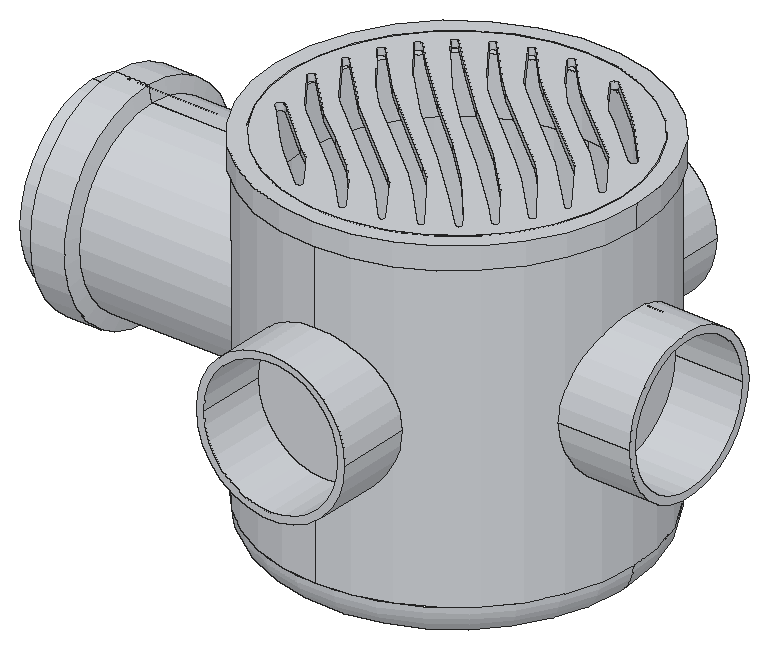
Revit family "Cx_Sif_3E_100x100x50", category Plumbing Fixtures, host Face, Revit 2025
Family settings
  Host = Face
  Round Connector Dimension = Use Radius
  Part Type = Normal
  Enable Cutting in Views = No
  Cut with Voids When Loaded = No
  Maintain Annotation Orientation = No
  Shared = No
  Room Calculation Point = No
Parameters (values of type "Porta-grelha prata e grelha alumínio redondos - DN 100 x 100 x 50")
  URL = "http://www.tigre.com.br"
  UHC [instance] = 2
  Tigre: Sistema = "Esgoto"  # constant formula
  Tigre: Norma = ""
  Tigre: Material = "Prata/Aluminio"
  Tigre: Marcador [instance] = "00"
  Tigre: Link do Produto = "http://www.tigre.com.br/pt/produtos_unico.php?rcr_id=4&cpr_id=10&cpr_id_pai=4&lnh_id=11&prd_id=124"
  Tigre: Linha = "Caixas e Ralos"  # constant formula
  Tigre: Fabricante = "© Tigre S/A"  # constant formula
  Tigre: Descrição = "Caixa Sifonada Montada c/ Grelha e Porta Grelha, alumínio redondos 100 x 100 x 50mm, Esgoto - TIGRE"
  Tigre: Código com Separador [instance] = "27.01.999.4"
  Tigre: Código = 27019994
  Tigre: Comentários [instance] = ""
  Raio do Corpo = 52.50 mm
  Raio Interno Porta Grelha = 48.70 mm
  Raio Externo Porta Grelha = 53.50 mm
  Raio do Anel = 31.40 mm
  Raio Nominal 2 = Diâmetro Nominal 2 / 2  # 20.00 mm
  Raio Nominal 1 = Diâmetro Nominal 1 / 2  # 25.00 mm
  Raio Externo 2 = Raio Nominal 2 + 2.00 mm  # 22.00 mm
  Raio Externo 1 = Raio Nominal 1 + 2.00 mm  # 27.00 mm
  Prolongador. [instance] = none
  Prolongador [instance] = Distância do Prolongador > 0.00 mm  # no
  Porta Grelha Redonda = yes
  Porta Grelha Quadrada = no
  Porta Grelha [instance] = none
  Model = ""
  Manufacturer = Tigre: Fabricante  # "© Tigre S/A"
  Grelha Redonda = yes
  Grelha Quadrada = no
  Grelha [instance] = none
  Diâmetro Nominal 2 = 40.00 mm
  Diâmetro Nominal 1 = 50.00 mm
  Description = Tigre: Descrição  # "Caixa Sifonada Montada c/ Grelha e Porta Grelha, alumínio redondos 100 x 100 x 50mm, Esgoto - TIGRE"
  Default Elevation = 0.00 mm
  Cota L1 = 107.80 mm
  Distância do Prolongador [instance] = 0.00 mm
  Cota B = 56.00 mm
  Cota A = 100.00 mm
  Comprimento do Tubo [instance] = if(Distância do Prolongador > 0.00 mm, Distância do Prolongador + 15.00 mm, Distância do Prolongador + 1.00 mm)  # 1.00 mm
  Caixas e Ralos [instance] = none
  Anel = 10.00 mm
Reference planes
  plane 1 "Center (Front/Back)": y = 0
  plane 2: z = 0
  plane 3 "Center (Left/Right)": x = 0
  plane 4: z = -106.5
  plane 5: z = -6.5
  plane 6: z = -50.5
  plane 7: z = -6.5
  plane 8: z = -2
Forms (mm)
  Sweep 1, solid, material <- "Caixas e Ralos", detail levels fine
    path origin (0, 0, 0) x (1, 0, 0) y (0, 0, 1)
      loop
        line (0, -6.5) -> (0, -96.5)
    profile origin (0, 0, -51.5) x (0, -1, 0) y (1, 0, 0)
      loop
        circle (0, 0) r 52.5
  Revolve 2, solid, material <- "Caixas e Ralos", detail levels fine
    sketch origin (0, 0, 0) x (1, 0, 0) y (0, 0, 1)
      loop
        line (0, -96.5) -> (-52.5, -96.5)
        arc (-52.5, -96.5) -> (-49.571, -103.571) -> (-42.5, -106.5) r 10
        line (-42.5, -106.5) -> (0, -106.5) -> (0, -96.5)
      axis (0, -96.5) -> (0, -106.5)
    angle from 0 to 360
  Sweep 3, solid, material <- "Caixas e Ralos", detail levels fine
    path origin (0, 0, 0) x (1, 0, 0) y (0, 0, 1)
      loop
        line (0, -50.5) -> (-107.8, -50.5)
    profile origin (-53.9, 0, -50.5) x (0, 0, -1) y (0, -1, 0)
      loop
        circle (0, 0) r 27
  Sweep 4, solid, material <- "Caixas e Ralos", detail levels fine
    path origin (-107.8, -4572, -50.5) x (0, -1, 0) y (1, 0, 0)
      loop
        line (-4640.9, 107.8) -> (-4503.1, 107.8)
    profile origin (0, 0, -50.5) x (1, 0, 0) y (0, 0, 1)
      loop
        circle (0, 0) r 22
  Sweep 5, solid, material <- "Caixas e Ralos", detail levels fine
    path origin (-107.8, -4572, -50.5) x (0, -1, 0) y (1, 0, 0)
      loop
        line (-4572, 107.8) -> (-4572, 176.7)
    profile origin (34.45, 0, -50.5) x (0, 1, 0) y (0, 0, 1)
      loop
        circle (0, 0) r 22
  SweptBlend 6, solid, material <- "Caixas e Ralos", detail levels fine
    path origin (0, 0, 0) x (1, 0, 0) y (0, 0, 1)
      loop
        line (-102.561, -50.5) -> (-101.221, -50.5)
    profile origin (-102.561, 0, -50.5) x (0, 0, 1) y (0, -1, 0)
      loop
        circle (0, 0) r 27
    end profile origin (-101.221, 0, -50.5) x (0, 0, 1) y (0, -1, 0)
      loop
        circle (0, 0) r 31.4
  Sweep 7, solid, material <- "Caixas e Ralos", detail levels fine
    path origin (0, 0, 0) x (1, 0, 0) y (0, 0, 1)
      loop
        line (-101.221, -50.5) -> (-91.221, -50.5)
    profile origin (-96.221, 0, -50.5) x (0, 0, 1) y (0, -1, 0)
      loop
        circle (0, 0) r 31.4
  SweptBlend 8, solid, material <- "Caixas e Ralos", detail levels fine
    path origin (0, 0, 0) x (1, 0, 0) y (0, 0, 1)
      loop
        line (-91.221, -50.5) -> (-90.287, -50.5)
    profile origin (-91.221, 0, -50.5) x (0, 0, 1) y (0, -1, 0)
      loop
        circle (0, 0) r 31.4
    end profile origin (-90.287, 0, -50.5) x (0, 0, 1) y (0, -1, 0)
      loop
        circle (0, 0) r 27
  Sweep 9, void
    path origin (0, 0, 0) x (1, 0, 0) y (0, 0, 1)
      loop
        line (0, -6.5) -> (0, -96.5)
    profile origin (0, 0, -51.5) x (0, -1, 0) y (1, 0, 0)
      loop
        circle (0, 0) r 48.75
  Extrusion 10, solid, material <- "Grelha", visible <- "Grelha Quadrada", detail levels fine
    sketch origin (-107.8, -4572, -50.5) x (0, -1, 0) y (-1, 0, 0)
      loop
        line (-4613.966, -122.238) -> (-4603.883, -133.838)
        arc (-4603.883, -133.838) -> (-4602.173, -135.704) -> (-4600.368, -137.477) r 48.331
        line (-4600.368, -137.477) -> (-4588.063, -148.953)
        arc (-4588.063, -148.953) -> (-4586.309, -148.892) -> (-4586.368, -147.138) r 1.241
        arc (-4586.368, -147.138) -> (-4593.344, -139.894) -> (-4599.533, -131.966) r 96.922
        arc (-4599.533, -131.966) -> (-4602.759, -128.121) -> (-4606.604, -124.895) r 28.794
        line (-4606.604, -124.895) -> (-4612.586, -120.706)
        arc (-4612.586, -120.706) -> (-4613.954, -120.862) -> (-4613.966, -122.238) r 1.039
      loop
        line (-4616.041, -107.788) -> (-4609.048, -114.309)
        arc (-4609.048, -114.309) -> (-4607.048, -116.292) -> (-4605.173, -118.393) r 46.107
        line (-4605.173, -118.393) -> (-4585.911, -141.348)
        arc (-4585.911, -141.348) -> (-4584.722, -142.609) -> (-4583.396, -143.724) r 15
        line (-4583.396, -143.724) -> (-4572.375, -151.955)
        arc (-4572.375, -151.955) -> (-4570.978, -151.798) -> (-4571.047, -150.394) r 1.027
        line (-4571.047, -150.394) -> (-4581.135, -140.652)
        arc (-4581.135, -140.652) -> (-4582.457, -139.283) -> (-4583.68, -137.826) r 27.259
        line (-4583.68, -137.826) -> (-4591.136, -128.283)
        arc (-4591.136, -128.283) -> (-4595.325, -123.185) -> (-4599.759, -118.299) r 134.146
        arc (-4599.759, -118.299) -> (-4602.988, -115.191) -> (-4606.47, -112.372) r 52.299
        arc (-4606.47, -112.372) -> (-4610.634, -109.316) -> (-4614.827, -106.301) r 542.781
        arc (-4614.827, -106.301) -> (-4616.13, -106.476) -> (-4616.041, -107.788) r 0.962
      loop
        line (-4614.454, -97.147) -> (-4604.477, -106.45)
        arc (-4604.477, -106.45) -> (-4602.298, -108.611) -> (-4600.254, -110.901) r 50.253
        line (-4600.254, -110.901) -> (-4577.494, -138.025)
        arc (-4577.494, -138.025) -> (-4576.599, -138.974) -> (-4575.601, -139.814) r 11.29
        line (-4575.601, -139.814) -> (-4561.45, -150.382)
        arc (-4561.45, -150.382) -> (-4560.166, -150.237) -> (-4560.229, -148.947) r 0.944
        line (-4560.229, -148.947) -> (-4573.745, -135.895)
        arc (-4573.745, -135.895) -> (-4574.631, -134.993) -> (-4575.468, -134.047) r 24.143
        line (-4575.468, -134.047) -> (-4597.498, -107.793)
        arc (-4597.498, -107.793) -> (-4598.86, -106.358) -> (-4600.387, -105.099) r 16.207
        line (-4600.387, -105.099) -> (-4613.284, -95.728)
        arc (-4613.284, -95.728) -> (-4614.536, -95.888) -> (-4614.454, -97.147) r 0.921
      loop
        line (-4610.964, -88.395) -> (-4599.287, -99.284)
        arc (-4599.287, -99.284) -> (-4596.598, -101.95) -> (-4594.076, -104.775) r 61.998
        line (-4594.076, -104.775) -> (-4572.562, -130.415)
        arc (-4572.562, -130.415) -> (-4569.646, -133.542) -> (-4566.419, -136.347) r 40.846
        line (-4566.419, -136.347) -> (-4552.731, -147.041)
        arc (-4552.731, -147.041) -> (-4551.265, -146.9) -> (-4551.329, -145.428) r 1.07
        line (-4551.329, -145.428) -> (-4564.485, -132.723)
        arc (-4564.485, -132.723) -> (-4567.45, -129.706) -> (-4570.253, -126.538) r 80.789
        line (-4570.253, -126.538) -> (-4588.926, -104.284)
        arc (-4588.926, -104.284) -> (-4592.794, -100.181) -> (-4597.109, -96.552) r 48.8
        line (-4597.109, -96.552) -> (-4609.838, -87.046)
        arc (-4609.838, -87.046) -> (-4611.04, -87.187) -> (-4610.964, -88.395) r 0.88
      loop
        line (-4606.276, -80.932) -> (-4597.597, -89.611)
        arc (-4597.597, -89.611) -> (-4590.598, -96.859) -> (-4583.856, -104.347) r 288.662
        line (-4583.856, -104.347) -> (-4569.556, -120.797)
        arc (-4569.556, -120.797) -> (-4563.496, -127.127) -> (-4556.857, -132.847) r 91.322
        line (-4556.857, -132.847) -> (-4545.245, -141.92)
        arc (-4545.245, -141.92) -> (-4543.884, -141.788) -> (-4543.943, -140.422) r 0.994
        line (-4543.943, -140.422) -> (-4549.666, -134.895)
        arc (-4549.666, -134.895) -> (-4556.696, -127.804) -> (-4563.41, -120.413) r 228.86
        line (-4563.41, -120.413) -> (-4576.455, -105.406)
        arc (-4576.455, -105.406) -> (-4588.427, -93.036) -> (-4601.65, -82.012) r 161.164
        line (-4601.65, -82.012) -> (-4605.028, -79.489)
        arc (-4605.028, -79.489) -> (-4606.323, -79.63) -> (-4606.276, -80.932) r 0.956
      loop
        line (-4530.034, -93.362) -> (-4540.117, -81.762)
        arc (-4540.117, -81.762) -> (-4541.827, -79.896) -> (-4543.632, -78.123) r 48.331
        line (-4543.632, -78.123) -> (-4555.937, -66.647)
        arc (-4555.937, -66.647) -> (-4557.691, -66.708) -> (-4557.632, -68.462) r 1.241
        arc (-4557.632, -68.462) -> (-4550.656, -75.706) -> (-4544.467, -83.634) r 96.922
        arc (-4544.467, -83.634) -> (-4541.241, -87.479) -> (-4537.396, -90.705) r 28.794
        line (-4537.396, -90.705) -> (-4531.414, -94.894)
        arc (-4531.414, -94.894) -> (-4530.046, -94.738) -> (-4530.034, -93.362) r 1.039
      loop
        line (-4527.959, -107.812) -> (-4534.952, -101.291)
        arc (-4534.952, -101.291) -> (-4536.952, -99.308) -> (-4538.827, -97.207) r 46.107
        line (-4538.827, -97.207) -> (-4558.089, -74.252)
        arc (-4558.089, -74.252) -> (-4559.278, -72.991) -> (-4560.604, -71.876) r 15
        line (-4560.604, -71.876) -> (-4571.625, -63.645)
        arc (-4571.625, -63.645) -> (-4573.022, -63.802) -> (-4572.953, -65.206) r 1.027
        line (-4572.953, -65.206) -> (-4562.865, -74.948)
        arc (-4562.865, -74.948) -> (-4561.543, -76.317) -> (-4560.32, -77.774) r 27.259
        line (-4560.32, -77.774) -> (-4552.864, -87.317)
        arc (-4552.864, -87.317) -> (-4548.675, -92.415) -> (-4544.241, -97.301) r 134.146
        arc (-4544.241, -97.301) -> (-4541.012, -100.409) -> (-4537.53, -103.228) r 52.299
        arc (-4537.53, -103.228) -> (-4533.366, -106.284) -> (-4529.173, -109.299) r 542.781
        arc (-4529.173, -109.299) -> (-4527.87, -109.124) -> (-4527.959, -107.812) r 0.962
      loop
        line (-4529.546, -118.453) -> (-4539.523, -109.15)
        arc (-4539.523, -109.15) -> (-4541.702, -106.989) -> (-4543.746, -104.699) r 50.253
        line (-4543.746, -104.699) -> (-4566.506, -77.575)
        arc (-4566.506, -77.575) -> (-4567.401, -76.626) -> (-4568.399, -75.786) r 11.29
        line (-4568.399, -75.786) -> (-4582.55, -65.218)
        arc (-4582.55, -65.218) -> (-4583.834, -65.363) -> (-4583.771, -66.653) r 0.944
        line (-4583.771, -66.653) -> (-4570.255, -79.705)
        arc (-4570.255, -79.705) -> (-4569.369, -80.607) -> (-4568.532, -81.553) r 24.143
        line (-4568.532, -81.553) -> (-4546.502, -107.807)
        arc (-4546.502, -107.807) -> (-4545.14, -109.242) -> (-4543.613, -110.501) r 16.207
        line (-4543.613, -110.501) -> (-4530.716, -119.872)
        arc (-4530.716, -119.872) -> (-4529.464, -119.712) -> (-4529.546, -118.453) r 0.921
      loop
        line (-4533.036, -127.205) -> (-4544.713, -116.316)
        arc (-4544.713, -116.316) -> (-4547.402, -113.65) -> (-4549.924, -110.825) r 61.998
        line (-4549.924, -110.825) -> (-4571.438, -85.185)
        arc (-4571.438, -85.185) -> (-4574.354, -82.058) -> (-4577.581, -79.253) r 40.846
        line (-4577.581, -79.253) -> (-4591.269, -68.559)
        arc (-4591.269, -68.559) -> (-4592.735, -68.7) -> (-4592.671, -70.172) r 1.07
        line (-4592.671, -70.172) -> (-4579.515, -82.877)
        arc (-4579.515, -82.877) -> (-4576.55, -85.894) -> (-4573.747, -89.062) r 80.789
        line (-4573.747, -89.062) -> (-4555.074, -111.316)
        arc (-4555.074, -111.316) -> (-4551.206, -115.419) -> (-4546.891, -119.048) r 48.8
        line (-4546.891, -119.048) -> (-4534.162, -128.554)
        arc (-4534.162, -128.554) -> (-4532.96, -128.413) -> (-4533.036, -127.205) r 0.88
      loop
        line (-4537.724, -134.668) -> (-4546.403, -125.989)
        arc (-4546.403, -125.989) -> (-4553.402, -118.741) -> (-4560.144, -111.253) r 288.662
        line (-4560.144, -111.253) -> (-4574.444, -94.803)
        arc (-4574.444, -94.803) -> (-4580.504, -88.473) -> (-4587.143, -82.753) r 91.322
        line (-4587.143, -82.753) -> (-4598.755, -73.68)
        arc (-4598.755, -73.68) -> (-4600.116, -73.812) -> (-4600.057, -75.178) r 0.994
        line (-4600.057, -75.178) -> (-4594.334, -80.705)
        arc (-4594.334, -80.705) -> (-4587.304, -87.796) -> (-4580.59, -95.187) r 228.86
        line (-4580.59, -95.187) -> (-4567.545, -110.194)
        arc (-4567.545, -110.194) -> (-4555.573, -122.564) -> (-4542.35, -133.588) r 161.164
        line (-4542.35, -133.588) -> (-4538.972, -136.111)
        arc (-4538.972, -136.111) -> (-4537.677, -135.97) -> (-4537.724, -134.668) r 0.956
      loop
        line (-4619.25, -60.55) -> (-4619.25, -155.05) -> (-4524.75, -155.05) -> (-4524.75, -60.55) -> (-4619.25, -60.55)
    from -48.5 to -50.5
  Extrusion 11, solid, material <- "Grelha", visible <- "Grelha Redonda", detail levels fine
    sketch origin (-107.8, -4572, -50.5) x (0, -1, 0) y (-1, 0, 0)
      loop
        line (-4613.968, -122.288) -> (-4603.885, -133.888)
        arc (-4603.885, -133.888) -> (-4602.175, -135.753) -> (-4600.37, -137.527) r 48.331
        line (-4600.37, -137.527) -> (-4588.064, -149.002)
        arc (-4588.064, -149.002) -> (-4586.311, -148.942) -> (-4586.37, -147.188) r 1.241
        arc (-4586.37, -147.188) -> (-4593.346, -139.944) -> (-4599.535, -132.015) r 96.922
        arc (-4599.535, -132.015) -> (-4602.761, -128.171) -> (-4606.606, -124.944) r 28.794
        line (-4606.606, -124.944) -> (-4612.588, -120.756)
        arc (-4612.588, -120.756) -> (-4613.956, -120.911) -> (-4613.968, -122.288) r 1.039
      loop
        line (-4616.043, -107.837) -> (-4609.05, -114.359)
        arc (-4609.05, -114.359) -> (-4607.05, -116.341) -> (-4605.174, -118.442) r 46.107
        line (-4605.174, -118.442) -> (-4585.913, -141.397)
        arc (-4585.913, -141.397) -> (-4584.724, -142.658) -> (-4583.398, -143.774) r 15
        line (-4583.398, -143.774) -> (-4572.377, -152.005)
        arc (-4572.377, -152.005) -> (-4570.98, -151.847) -> (-4571.049, -150.444) r 1.027
        line (-4571.049, -150.444) -> (-4581.137, -140.701)
        arc (-4581.137, -140.701) -> (-4582.459, -139.333) -> (-4583.682, -137.875) r 27.259
        line (-4583.682, -137.875) -> (-4591.138, -128.332)
        arc (-4591.138, -128.332) -> (-4595.327, -123.234) -> (-4599.761, -118.349) r 134.146
        arc (-4599.761, -118.349) -> (-4602.989, -115.241) -> (-4606.472, -112.421) r 52.299
        arc (-4606.472, -112.421) -> (-4610.636, -109.366) -> (-4614.829, -106.35) r 542.781
        arc (-4614.829, -106.35) -> (-4616.132, -106.525) -> (-4616.043, -107.837) r 0.962
      loop
        line (-4614.456, -97.197) -> (-4604.479, -106.5)
        arc (-4604.479, -106.5) -> (-4602.3, -108.661) -> (-4600.256, -110.951) r 50.253
        line (-4600.256, -110.951) -> (-4577.496, -138.075)
        arc (-4577.496, -138.075) -> (-4576.601, -139.024) -> (-4575.603, -139.863) r 11.29
        line (-4575.603, -139.863) -> (-4561.452, -150.432)
        arc (-4561.452, -150.432) -> (-4560.168, -150.287) -> (-4560.231, -148.996) r 0.944
        line (-4560.231, -148.996) -> (-4573.747, -135.944)
        arc (-4573.747, -135.944) -> (-4574.633, -135.043) -> (-4575.47, -134.096) r 24.143
        line (-4575.47, -134.096) -> (-4597.499, -107.843)
        arc (-4597.499, -107.843) -> (-4598.862, -106.407) -> (-4600.389, -105.148) r 16.207
        line (-4600.389, -105.148) -> (-4613.286, -95.778)
        arc (-4613.286, -95.778) -> (-4614.538, -95.937) -> (-4614.456, -97.197) r 0.921
      loop
        line (-4610.966, -88.444) -> (-4599.289, -99.334)
        arc (-4599.289, -99.334) -> (-4596.6, -102) -> (-4594.078, -104.825) r 61.998
        line (-4594.078, -104.825) -> (-4572.563, -130.465)
        arc (-4572.563, -130.465) -> (-4569.648, -133.592) -> (-4566.421, -136.397) r 40.846
        line (-4566.421, -136.397) -> (-4552.733, -147.091)
        arc (-4552.733, -147.091) -> (-4551.266, -146.95) -> (-4551.331, -145.478) r 1.07
        line (-4551.331, -145.478) -> (-4564.487, -132.773)
        arc (-4564.487, -132.773) -> (-4567.452, -129.756) -> (-4570.254, -126.588) r 80.789
        line (-4570.254, -126.588) -> (-4588.928, -104.333)
        arc (-4588.928, -104.333) -> (-4592.796, -100.231) -> (-4597.111, -96.602) r 48.8
        line (-4597.111, -96.602) -> (-4609.839, -87.096)
        arc (-4609.839, -87.096) -> (-4611.041, -87.237) -> (-4610.966, -88.444) r 0.88
      loop
        line (-4606.278, -80.981) -> (-4597.599, -89.661)
        arc (-4597.599, -89.661) -> (-4590.6, -96.908) -> (-4583.858, -104.396) r 288.662
        line (-4583.858, -104.396) -> (-4569.557, -120.847)
        arc (-4569.557, -120.847) -> (-4563.498, -127.177) -> (-4556.859, -132.897) r 91.322
        line (-4556.859, -132.897) -> (-4545.247, -141.969)
        arc (-4545.247, -141.969) -> (-4543.886, -141.838) -> (-4543.945, -140.471) r 0.994
        line (-4543.945, -140.471) -> (-4549.668, -134.945)
        arc (-4549.668, -134.945) -> (-4556.698, -127.854) -> (-4563.411, -120.463) r 228.86
        line (-4563.411, -120.463) -> (-4576.456, -105.456)
        arc (-4576.456, -105.456) -> (-4588.428, -93.085) -> (-4601.652, -82.062) r 161.164
        line (-4601.652, -82.062) -> (-4605.03, -79.539)
        arc (-4605.03, -79.539) -> (-4606.325, -79.679) -> (-4606.278, -80.981) r 0.956
      loop
        line (-4530.036, -93.411) -> (-4540.119, -81.812)
        arc (-4540.119, -81.812) -> (-4541.829, -79.946) -> (-4543.633, -78.172) r 48.331
        line (-4543.633, -78.172) -> (-4555.939, -66.697)
        arc (-4555.939, -66.697) -> (-4557.693, -66.757) -> (-4557.634, -68.511) r 1.241
        arc (-4557.634, -68.511) -> (-4550.657, -75.755) -> (-4544.469, -83.684) r 96.922
        arc (-4544.469, -83.684) -> (-4541.243, -87.529) -> (-4537.398, -90.755) r 28.794
        line (-4537.398, -90.755) -> (-4531.416, -94.944)
        arc (-4531.416, -94.944) -> (-4530.048, -94.788) -> (-4530.036, -93.411) r 1.039
      loop
        line (-4527.961, -107.862) -> (-4534.954, -101.34)
        arc (-4534.954, -101.34) -> (-4536.954, -99.358) -> (-4538.829, -97.257) r 46.107
        line (-4538.829, -97.257) -> (-4558.091, -74.302)
        arc (-4558.091, -74.302) -> (-4559.279, -73.041) -> (-4560.606, -71.926) r 15
        line (-4560.606, -71.926) -> (-4571.627, -63.694)
        arc (-4571.627, -63.694) -> (-4573.024, -63.852) -> (-4572.955, -65.256) r 1.027
        line (-4572.955, -65.256) -> (-4562.866, -74.998)
        arc (-4562.866, -74.998) -> (-4561.545, -76.366) -> (-4560.322, -77.824) r 27.259
        line (-4560.322, -77.824) -> (-4552.866, -87.367)
        arc (-4552.866, -87.367) -> (-4548.677, -92.465) -> (-4544.243, -97.35) r 134.146
        arc (-4544.243, -97.35) -> (-4541.014, -100.458) -> (-4537.532, -103.278) r 52.299
        arc (-4537.532, -103.278) -> (-4533.367, -106.333) -> (-4529.174, -109.349) r 542.781
        arc (-4529.174, -109.349) -> (-4527.871, -109.174) -> (-4527.961, -107.862) r 0.962
      loop
        line (-4529.548, -118.502) -> (-4539.524, -109.199)
        arc (-4539.524, -109.199) -> (-4541.704, -107.039) -> (-4543.748, -104.749) r 50.253
        line (-4543.748, -104.749) -> (-4566.508, -77.624)
        arc (-4566.508, -77.624) -> (-4567.402, -76.675) -> (-4568.401, -75.836) r 11.29
        line (-4568.401, -75.836) -> (-4582.552, -65.267)
        arc (-4582.552, -65.267) -> (-4583.836, -65.412) -> (-4583.773, -66.703) r 0.944
        line (-4583.773, -66.703) -> (-4570.257, -79.755)
        arc (-4570.257, -79.755) -> (-4569.371, -80.656) -> (-4568.534, -81.603) r 24.143
        line (-4568.534, -81.603) -> (-4546.504, -107.857)
        arc (-4546.504, -107.857) -> (-4545.142, -109.292) -> (-4543.615, -110.551) r 16.207
        line (-4543.615, -110.551) -> (-4530.718, -119.921)
        arc (-4530.718, -119.921) -> (-4529.465, -119.762) -> (-4529.548, -118.502) r 0.921
      loop
        line (-4533.037, -127.255) -> (-4544.715, -116.365)
        arc (-4544.715, -116.365) -> (-4547.404, -113.7) -> (-4549.925, -110.875) r 61.998
        line (-4549.925, -110.875) -> (-4571.44, -85.234)
        arc (-4571.44, -85.234) -> (-4574.356, -82.107) -> (-4577.583, -79.302) r 40.846
        line (-4577.583, -79.302) -> (-4591.271, -68.608)
        arc (-4591.271, -68.608) -> (-4592.737, -68.75) -> (-4592.673, -70.221) r 1.07
        line (-4592.673, -70.221) -> (-4579.516, -82.927)
        arc (-4579.516, -82.927) -> (-4576.552, -85.943) -> (-4573.749, -89.111) r 80.789
        line (-4573.749, -89.111) -> (-4555.075, -111.366)
        arc (-4555.075, -111.366) -> (-4551.208, -115.468) -> (-4546.893, -119.097) r 48.8
        line (-4546.893, -119.097) -> (-4534.164, -128.603)
        arc (-4534.164, -128.603) -> (-4532.962, -128.463) -> (-4533.037, -127.255) r 0.88
      loop
        line (-4537.725, -134.718) -> (-4546.405, -126.039)
        arc (-4546.405, -126.039) -> (-4553.404, -118.791) -> (-4560.146, -111.303) r 288.662
        line (-4560.146, -111.303) -> (-4574.446, -94.852)
        arc (-4574.446, -94.852) -> (-4580.506, -88.522) -> (-4587.144, -82.802) r 91.322
        line (-4587.144, -82.802) -> (-4598.756, -73.73)
        arc (-4598.756, -73.73) -> (-4600.118, -73.861) -> (-4600.058, -75.228) r 0.994
        line (-4600.058, -75.228) -> (-4594.336, -80.754)
        arc (-4594.336, -80.754) -> (-4587.306, -87.845) -> (-4580.592, -95.237) r 228.86
        line (-4580.592, -95.237) -> (-4567.547, -110.243)
        arc (-4567.547, -110.243) -> (-4555.575, -122.614) -> (-4542.352, -133.637) r 161.164
        line (-4542.352, -133.637) -> (-4538.974, -136.16)
        arc (-4538.974, -136.16) -> (-4537.679, -136.02) -> (-4537.725, -134.718) r 0.956
      loop
        circle (-4572.002, -107.787) r 48.6
    from -48.5 to -50.5
  Extrusion 12, solid, material <- "Porta Grelha", visible <- "Porta Grelha Quadrada", detail levels fine
    sketch origin (-107.8, -4572, -50.5) x (0, -1, 0) y (-1, 0, 0)
      loop
        line (-4622, -57.8) -> (-4622, -157.8) -> (-4522, -157.8) -> (-4522, -57.8) -> (-4622, -57.8)
      loop
        line (-4524.5, -155.3) -> (-4524.5, -60.3) -> (-4619.5, -60.3) -> (-4619.5, -155.3) -> (-4524.5, -155.3)
    from -50.5 to -44
  Extrusion 13, solid, material <- "Porta Grelha", visible <- "Porta Grelha Quadrada", detail levels fine
    sketch origin (-107.8, -4572, -50.5) x (0, -1, 0) y (-1, 0, 0)
      loop
        line (-4619.5, -60.3) -> (-4619.5, -155.3) -> (-4524.5, -155.3) -> (-4524.5, -60.3) -> (-4619.5, -60.3)
      loop
        circle (-4572, -107.8) r 46.47
    from -46 to -44
  Sweep 14, solid, material <- "Porta Grelha", visible <- "Porta Grelha Quadrada", detail levels fine
    path origin (0, 0, 0) x (1, 0, 0) y (0, 0, 1)
      loop
        line (0, -22) -> (0, -4.5)
    profile origin (0, 0, -13.25) x (-1, 0, 0) y (0, -1, 0)
      loop
        circle (0, 0) r 48.587
      loop
        circle (0, 0) r 46.47
  Sweep 15, solid, material <- "Porta Grelha", visible <- "Porta Grelha Redonda", detail levels fine
    path origin (0, 0, 0) x (1, 0, 0) y (0, 0, 1)
      loop
        line (0, -6.5) -> (0, 0)
    profile origin (0, 0, -3.25) x (-1, 0, 0) y (0, -1, 0)
      loop
        circle (0, 0) r 53.5
      loop
        circle (0, 0) r 48.75
  Sweep 16, solid, material <- "Porta Grelha", visible <- "Porta Grelha Redonda", detail levels fine
    path origin (0, 0, 0) x (1, 0, 0) y (0, 0, 1)
      loop
        line (0, -21.5) -> (0, -4.5)
    profile origin (0, 0, -13) x (-1, 0, 0) y (0, -1, 0)
      loop
        circle (0, 0) r 46.47
      loop
        circle (0, 0) r 48.75
  Sweep 17, void
    path origin (-107.8, -4572, -50.5) x (0, -1, 0) y (1, 0, 0)
      loop
        line (-4572, 176.7) -> (-4572, 156.55)
    profile origin (58.825, 0, -50.5) x (0, -1, 0) y (0, 0, 1)
      loop
        circle (0, 0) r 20
  Sweep 18, void
    path origin (4572, -107.8, -50.5) x (1, 0, 0) y (0, 1, 0)
      loop
        line (-4572, 176.7) -> (-4572, 156.55)
    profile origin (0, 58.825, -50.5) x (1, 0, 0) y (0, 0, 1)
      loop
        circle (0, 0) r 20
  Sweep 19, void
    path origin (4572, 107.8, -50.5) x (-1, 0, 0) y (0, -1, 0)
      loop
        line (4572, 176.7) -> (4572, 156.55)
    profile origin (0, -58.825, -50.5) x (-1, 0, 0) y (0, 0, 1)
      loop
        circle (0, 0) r 20
  Sweep 20, void
    path origin (-107.8, -4572, -50.5) x (0, -1, 0) y (1, 0, 0)
      loop
        line (-4572, 0) -> (-4572, 43.011)
    profile origin (-86.294, 0, -50.5) x (0, 1, 0) y (0, 0, 1)
      loop
        circle (0, 0) r 25
Cuts and joins
  Sweep 9, Sweep 17, Sweep 18, Sweep 19, Sweep 20 cuts Sweep 1
  Sweep 9, Sweep 17, Sweep 18, Sweep 19, Sweep 20 cuts Revolve 2
  Sweep 9, Sweep 17, Sweep 18, Sweep 19, Sweep 20 cuts Sweep 3
  Sweep 9, Sweep 17, Sweep 18, Sweep 19, Sweep 20 cuts Sweep 4
  Sweep 9, Sweep 17, Sweep 18, Sweep 19, Sweep 20 cuts Sweep 5
  Sweep 9, Sweep 17, Sweep 18, Sweep 19, Sweep 20 cuts SweptBlend 6
  Sweep 9, Sweep 17, Sweep 18, Sweep 19, Sweep 20 cuts Sweep 7
  Sweep 9, Sweep 17, Sweep 18, Sweep 19, Sweep 20 cuts SweptBlend 8
  joined: Sweep 1, Revolve 2, Sweep 3, Sweep 4, Sweep 5, SweptBlend 6, Sweep 7, SweptBlend 8
  joined: Extrusion 12, Extrusion 13, Sweep 14
  joined: Sweep 15, Sweep 16
Lines and regions (mm)
  model lines, detail levels coarse+medium
    curve 1: line (-64.789, 0, -50.5) -> (-40, 0, -50.5)
    curve 2: line (0, 48.75, -50.5) -> (0, 40, -50.5)
    curve 3: line (-22, 48.75, -50.5) -> (22, 48.75, -50.5)
    curve 4: line (48.75, 22, -50.5) -> (48.75, -22, -50.5)
    curve 5: line (-22, -48.75, -50.5) -> (22, -48.75, -50.5)
    curve 6: line (-64.789, 22, -50.5) -> (-64.789, -22, -50.5)
    curve 7: circle (0, 0, -50.5) r 40 normal (0, 0, -1)
    curve 8: line (40, 0, -50.5) -> (48.75, 0, -50.5)
    curve 9: line (0, -48.75, -50.5) -> (0, -40, -50.5)
Dimensions and locks
  "Cota A": plane 5 to plane 4
  "Cota B": plane 6 to plane 4
  Sweep 1 to plane 4 = 10.00 mm
  "Cota L1": plane 3 "Center (Left/Right)" to Sweep 3 sketch curve
  plane 3 "Center (Left/Right)" to Sweep 5 sketch curve = 68.90 mm
  locked: cut or joined group of Sweep 1, Revolve 2, Sweep 3, Sweep 4, Sweep 5, SweptBlend 6, Sweep 7, SweptBlend 8, Sweep 9, Sweep 17, Sweep 18, Sweep 19, Sweep 20 to SweptBlend 6 sketch curve at 5.239
  locked: SweptBlend 6 sketch curve to SweptBlend 6 sketch curve at 1.34
  "Anel": Sweep 7 sketch curve to Sweep 7 sketch curve
  locked: SweptBlend 8 sketch curve to SweptBlend 8 sketch curve at 0.934
  Sweep 9 sketch curve to plane 4 = 10.00 mm
  locked: level to plane 7 at 6.5
  "Distância do Prolongador": plane 7 to plane 5
  locked: plane 7 to Sweep 14 sketch curve at 15.5
  locked: level to Sweep 14 sketch curve at 4.5
  Sweep 16 sketch curve to plane 7 to Sweep 16 sketch curve = 2.00 mm locked, 15.00 mm locked
  "Raio do Corpo": radius of Sweep 1 sketch curve
  "Raio Externo 2": radius of Sweep 4 sketch curve
  "Raio Externo 2": radius of Sweep 5 sketch curve
  "Raio Externo 1": radius of Sweep 3 sketch curve
  "Raio do Anel": radius of SweptBlend 6 sketch curve
  "Raio Externo 1": radius of SweptBlend 8 sketch curve
  "Raio Nominal 2": radius of Sweep 17 sketch curve
  "Raio Nominal 2": radius of Sweep 18 sketch curve
  "Raio Nominal 2": radius of Sweep 19 sketch curve
  "Raio Nominal 1": radius of Sweep 20 sketch curve
  aligned and locked: plane 2 to host face
  aligned and locked: level to host face
  aligned and locked: plane 5 to Sweep 1 sketch curve
  aligned and locked: Sweep 1 sketch curve to plane 3 "Center (Left/Right)"
  aligned and locked: Revolve 2 sketch curve to plane 3 "Center (Left/Right)"  (x2)
  aligned and locked: plane 4 to Revolve 2 sketch curve
  aligned and locked: Revolve 2 sketch curve to plane 4
  aligned and locked: Sweep 4 sketch curve to plane 3 "Center (Left/Right)"
  aligned and locked: plane 1 "Center (Front/Back)" to Sweep 5 sketch curve
  aligned and locked: plane 3 "Center (Left/Right)" to Sweep 5 sketch curve
  aligned and locked: SweptBlend 6 sketch curve to Sweep 3  (x2)
  aligned and locked: Sweep 3 sketch curve to plane 6
  aligned and locked: plane 6 to SweptBlend 6 sketch curve
  aligned and locked: cut or joined group of Sweep 1, Revolve 2, Sweep 3, Sweep 4, Sweep 5, SweptBlend 6, Sweep 7, SweptBlend 8, Sweep 9, Sweep 17, Sweep 18, Sweep 19, Sweep 20 to Sweep 7 sketch curve
  aligned and locked: Sweep 7 sketch curve to cut or joined group of Sweep 1, Revolve 2, Sweep 3, Sweep 4, Sweep 5, SweptBlend 6, Sweep 7, SweptBlend 8, Sweep 9, Sweep 17, Sweep 18, Sweep 19, Sweep 20  (x2)
  aligned and locked: Sweep 7 to SweptBlend 8 sketch curve
  aligned and locked: SweptBlend 8 sketch curve to Sweep 7  (x2)
  aligned and locked: plane 5 to Sweep 9 sketch curve
  aligned and locked: level to Extrusion 10
  aligned and locked: plane 8 to Extrusion 10
  aligned and locked: level to Extrusion 11
  aligned and locked: plane 8 to Extrusion 11
  aligned and locked: plane 7 to Extrusion 13
  aligned and locked: level to Extrusion 12
  aligned and locked: plane 7 to Extrusion 12
  aligned and locked: plane 3 "Center (Left/Right)" to Sweep 14 sketch curve
  aligned and locked: level to Sweep 15 sketch curve
  aligned and locked: plane 7 to Sweep 15 sketch curve
  aligned and locked: cut or joined group of Sweep 15, Sweep 16 to Extrusion 13
  aligned and locked: plane 7 to nested 1
  aligned and locked: curve 4 to cut or joined group of Sweep 1, Revolve 2, Sweep 3, Sweep 4, Sweep 5, SweptBlend 6, Sweep 7, SweptBlend 8, Sweep 9, Sweep 17, Sweep 18, Sweep 19, Sweep 20
  aligned and locked: curve 3 to cut or joined group of Sweep 1, Revolve 2, Sweep 3, Sweep 4, Sweep 5, SweptBlend 6, Sweep 7, SweptBlend 8, Sweep 9, Sweep 17, Sweep 18, Sweep 19, Sweep 20
  aligned and locked: curve 5 to cut or joined group of Sweep 1, Revolve 2, Sweep 3, Sweep 4, Sweep 5, SweptBlend 6, Sweep 7, SweptBlend 8, Sweep 9, Sweep 17, Sweep 18, Sweep 19, Sweep 20
  aligned and locked: curve 6 to cut or joined group of Sweep 1, Revolve 2, Sweep 3, Sweep 4, Sweep 5, SweptBlend 6, Sweep 7, SweptBlend 8, Sweep 9, Sweep 17, Sweep 18, Sweep 19, Sweep 20
Automatic sketch dimensions
  host sketch curve to host sketch curve = 215.893 mm
  host sketch curve to host sketch curve = 203.078 mm
  plane 4 to Sweep 1 sketch curve = 10.00 mm
  plane 1 "Center (Front/Back)" to Sweep 1 sketch curve = 0.00 mm
  Sweep 1 sketch curve to profile plane = 0.00 mm
  Revolve 2 sketch curve to plane 4 = 0.00 mm
  plane 4 to Revolve 2 sketch curve = 10.00 mm
  Revolve 2 sketch curve to plane 3 "Center (Left/Right)" = 42.50 mm
  Revolve 2 sketch curve to Revolve 2 sketch curve = 7.21 mm
  Sweep 3 sketch curve to plane 3 "Center (Left/Right)" = 0.00 mm
  Sweep 3 sketch curve to plane 1 "Center (Front/Back)" = 0.00 mm
  Sweep 3 sketch curve to profile plane = 0.00 mm
  Sweep 4 sketch curve to plane 1 "Center (Front/Back)" = 68.90 mm
  plane 1 "Center (Front/Back)" to Sweep 4 sketch curve = 68.90 mm
  Sweep 4 sketch curve to plane 6 = 0.00 mm
  profile plane to Sweep 4 sketch curve = 0.00 mm
  plane 6 to Sweep 5 sketch curve = 0.00 mm
  Sweep 5 sketch curve to profile plane = 0.00 mm
  SweptBlend 6 sketch curve to plane 1 "Center (Front/Back)" = 0.00 mm
  profile plane to SweptBlend 6 sketch curve = 0.00 mm
  Sweep 7 sketch curve to plane 6 = 0.00 mm
  SweptBlend 8 sketch curve to plane 6 = 0.00 mm
  SweptBlend 8 sketch curve to plane 1 "Center (Front/Back)" = 0.00 mm
  profile plane to SweptBlend 8 sketch curve = 0.00 mm
  Sweep 9 sketch curve to plane 3 "Center (Left/Right)" = 0.00 mm
  Sweep 9 sketch curve to Sweep 9 sketch curve = 0.00 mm  (x2)
  Sweep 9 sketch curve to profile plane = 0.00 mm
  plane 1 "Center (Front/Back)" to Sweep 9 sketch curve = 0.00 mm
  Sweep 9 sketch curve to plane 1 "Center (Front/Back)" = 48.75 mm
  curve 2 to plane 3 "Center (Left/Right)" = 0.00 mm
  plane 1 "Center (Front/Back)" to curve 8 = 0.00 mm
  plane 1 "Center (Front/Back)" to curve 7 = 0.00 mm
  plane 1 "Center (Front/Back)" to curve 1 = 0.00 mm
  curve 9 to plane 3 "Center (Left/Right)" = 0.00 mm
  curve 7 to plane 3 "Center (Left/Right)" = 0.00 mm
  curve 4 to plane 1 "Center (Front/Back)" = 22.00 mm
  curve 6 to plane 1 "Center (Front/Back)" = 22.00 mm
  curve 8 to curve 4 = 22.00 mm
  curve 1 to curve 6 = 22.00 mm
  curve 9 to curve 9 = 8.75 mm
  curve 3 to plane 3 "Center (Left/Right)" = 22.00 mm
  curve 5 to plane 3 "Center (Left/Right)" = 22.00 mm
  curve 2 to curve 3 = 22.00 mm
  curve 9 to curve 5 = 22.00 mm
  Extrusion 10 sketch curve to plane 1 "Center (Front/Back)" = 357.646 mm
  Extrusion 10 sketch curve to plane 1 "Center (Front/Back)" = 229.712 mm
  Extrusion 10 sketch curve to Extrusion 10 sketch curve = 48.399 mm  (x2)
  Extrusion 10 sketch curve to Extrusion 10 sketch curve = 55.227 mm  (x2)
  Extrusion 10 sketch curve to Extrusion 10 sketch curve = 1.242 mm  (x2)
  Extrusion 10 sketch curve to plane 1 "Center (Front/Back)" = 71.366 mm
  Extrusion 10 sketch curve to Extrusion 10 sketch curve = 1.797 mm
  Extrusion 10 sketch curve to Extrusion 10 sketch curve = 1.077 mm
  Extrusion 10 sketch curve to Extrusion 10 sketch curve = 2.819 mm  (x2)
  Extrusion 10 sketch curve to Extrusion 10 sketch curve = 5.756 mm  (x2)
  Extrusion 10 sketch curve to Extrusion 10 sketch curve = 3.114 mm  (x2)
  Extrusion 10 sketch curve to Extrusion 10 sketch curve = 9.326 mm  (x2)
  Extrusion 10 sketch curve to Extrusion 10 sketch curve = 2.448 mm  (x2)
  Extrusion 10 sketch curve to Extrusion 10 sketch curve = 0.742 mm  (x2)
  Extrusion 10 sketch curve to Extrusion 10 sketch curve = 3.869 mm  (x2)
  Extrusion 10 sketch curve to plane 3 "Center (Left/Right)" = 0.012 mm
  Extrusion 10 sketch curve to Extrusion 10 sketch curve = 10.268 mm
  Extrusion 10 sketch curve to Extrusion 10 sketch curve = 0.656 mm  (x3)
  Extrusion 10 sketch curve to Extrusion 10 sketch curve = 0.558 mm  (x2)
  Extrusion 10 sketch curve to Extrusion 10 sketch curve = 0.00 mm  (x10)
  Extrusion 10 sketch curve to Extrusion 10 sketch curve = 0.374 mm  (x2)
  Extrusion 10 sketch curve to Extrusion 10 sketch curve = 2.075 mm
  Extrusion 10 sketch curve to Extrusion 10 sketch curve = 0.628 mm  (x2)
  Extrusion 10 sketch curve to plane 3 "Center (Left/Right)" = 12.072 mm
  Extrusion 10 sketch curve to Extrusion 10 sketch curve = 0.541 mm  (x2)
  Extrusion 10 sketch curve to Extrusion 10 sketch curve = 0.784 mm  (x2)
  Extrusion 10 sketch curve to Extrusion 10 sketch curve = 0.596 mm  (x2)
  Extrusion 10 sketch curve to Extrusion 10 sketch curve = 2.32 mm  (x2)
  Extrusion 10 sketch curve to Extrusion 10 sketch curve = 0.60 mm  (x2)
  Extrusion 10 sketch curve to Extrusion 10 sketch curve = 2.673 mm  (x2)
  Extrusion 10 sketch curve to Extrusion 10 sketch curve = 0.527 mm  (x2)
  plane 3 "Center (Left/Right)" to Extrusion 10 sketch curve = 6.509 mm
  Extrusion 10 sketch curve to Extrusion 10 sketch curve = 0.865 mm  (x2)
  plane 3 "Center (Left/Right)" to Extrusion 10 sketch curve = 17.095 mm
  Extrusion 10 sketch curve to Extrusion 10 sketch curve = 5.982 mm
  Extrusion 10 sketch curve to Extrusion 10 sketch curve = 2.577 mm  (x2)
  Extrusion 10 sketch curve to Extrusion 10 sketch curve = 3.561 mm  (x2)
  Extrusion 10 sketch curve to Extrusion 10 sketch curve = 0.676 mm  (x3)
  plane 3 "Center (Left/Right)" to Extrusion 10 sketch curve = 10.593 mm
  Extrusion 10 sketch curve to Extrusion 10 sketch curve = 4.741 mm
  Extrusion 10 sketch curve to Extrusion 10 sketch curve = 0.572 mm  (x2)
  Extrusion 10 sketch curve to plane 3 "Center (Left/Right)" = 1.35 mm
  Extrusion 10 sketch curve to Extrusion 10 sketch curve = 1.993 mm
  Extrusion 10 sketch curve to Extrusion 10 sketch curve = 2.721 mm
  Extrusion 10 sketch curve to Extrusion 10 sketch curve = 3.742 mm  (x2)
  Extrusion 10 sketch curve to Extrusion 10 sketch curve = 3.378 mm  (x2)
  Extrusion 10 sketch curve to plane 3 "Center (Left/Right)" = 2.701 mm
  Extrusion 10 sketch curve to Extrusion 10 sketch curve = 4.091 mm  (x2)
  Extrusion 10 sketch curve to Extrusion 10 sketch curve = 3.514 mm
  plane 3 "Center (Left/Right)" to Extrusion 10 sketch curve = 3.101 mm
  Extrusion 10 sketch curve to Extrusion 10 sketch curve = 2.475 mm  (x2)
  Extrusion 10 sketch curve to Extrusion 10 sketch curve = 4.972 mm
  Extrusion 10 sketch curve to Extrusion 10 sketch curve = 5.414 mm  (x2)
  Extrusion 10 sketch curve to Extrusion 10 sketch curve = 4.35 mm  (x2)
  Extrusion 10 sketch curve to Extrusion 10 sketch curve = 0.69 mm  (x2)
  Extrusion 10 sketch curve to plane 3 "Center (Left/Right)" = 8.516 mm
  Extrusion 10 sketch curve to Extrusion 10 sketch curve = 1.10 mm
  Extrusion 10 sketch curve to Extrusion 10 sketch curve = 0.612 mm  (x2)
  Extrusion 10 sketch curve to Extrusion 10 sketch curve = 4.053 mm
  Extrusion 10 sketch curve to plane 3 "Center (Left/Right)" = 0.007 mm
  Extrusion 10 sketch curve to Extrusion 10 sketch curve = 2.889 mm  (x2)
  Extrusion 10 sketch curve to Extrusion 10 sketch curve = 2.178 mm  (x2)
  Extrusion 10 sketch curve to Extrusion 10 sketch curve = 7.316 mm
  Extrusion 10 sketch curve to plane 3 "Center (Left/Right)" = 3.025 mm
  Extrusion 10 sketch curve to Extrusion 10 sketch curve = 3.421 mm  (x2)
  Extrusion 10 sketch curve to Extrusion 10 sketch curve = 6.083 mm  (x2)
  Extrusion 10 sketch curve to Extrusion 10 sketch curve = 0.743 mm  (x2)
  Extrusion 10 sketch curve to Extrusion 10 sketch curve = 0.659 mm  (x2)
  Extrusion 10 sketch curve to Extrusion 10 sketch curve = 8.397 mm  (x2)
  Extrusion 10 sketch curve to Extrusion 10 sketch curve = 5.15 mm  (x2)
  Extrusion 10 sketch curve to plane 1 "Center (Front/Back)" = 16.063 mm
  Extrusion 10 sketch curve to Extrusion 10 sketch curve = 0.847 mm  (x2)
  Extrusion 10 sketch curve to Extrusion 10 sketch curve = 7.191 mm  (x2)
  Extrusion 10 sketch curve to Extrusion 10 sketch curve = 1.90 mm
  Extrusion 10 sketch curve to Extrusion 10 sketch curve = 0.848 mm  (x2)
  Extrusion 10 sketch curve to Extrusion 10 sketch curve = 0.457 mm
  Extrusion 10 sketch curve to plane 3 "Center (Left/Right)" = 3.453 mm
  Extrusion 10 sketch curve to Extrusion 10 sketch curve = 5.071 mm  (x2)
  Extrusion 10 sketch curve to Extrusion 10 sketch curve = 7.498 mm  (x2)
  Extrusion 10 sketch curve to Extrusion 10 sketch curve = 2.231 mm
  Extrusion 10 sketch curve to Extrusion 10 sketch curve = 2.515 mm  (x2)
  Extrusion 10 sketch curve to Extrusion 10 sketch curve = 0.565 mm  (x2)
  Extrusion 10 sketch curve to Extrusion 10 sketch curve = 5.226 mm  (x2)
  Extrusion 10 sketch curve to Extrusion 10 sketch curve = 2.545 mm  (x2)
  Extrusion 10 sketch curve to Extrusion 10 sketch curve = 1.21 mm  (x2)
  Extrusion 10 sketch curve to plane 1 "Center (Front/Back)" = 7.515 mm
  Extrusion 10 sketch curve to Extrusion 10 sketch curve = 1.934 mm  (x2)
  Extrusion 10 sketch curve to Extrusion 10 sketch curve = 3.641 mm  (x2)
  Extrusion 10 sketch curve to plane 1 "Center (Front/Back)" = 4.594 mm
  Extrusion 10 sketch curve to plane 3 "Center (Left/Right)" = 2.394 mm
  Extrusion 10 sketch curve to plane 1 "Center (Front/Back)" = 4.455 mm
  Extrusion 10 sketch curve to Extrusion 10 sketch curve = 1.893 mm  (x2)
  Extrusion 10 sketch curve to plane 1 "Center (Front/Back)" = 3.468 mm
  Extrusion 10 sketch curve to plane 1 "Center (Front/Back)" = 3.154 mm
  Extrusion 10 sketch curve to plane 1 "Center (Front/Back)" = 2.444 mm
  Extrusion 10 sketch curve to plane 1 "Center (Front/Back)" = 2.421 mm
  Extrusion 10 sketch curve to plane 1 "Center (Front/Back)" = 1.747 mm
  Extrusion 10 sketch curve to plane 1 "Center (Front/Back)" = 1.745 mm
  Extrusion 10 sketch curve to plane 1 "Center (Front/Back)" = 0.953 mm
  Extrusion 10 sketch curve to plane 1 "Center (Front/Back)" = 0.562 mm
  Extrusion 10 sketch curve to plane 1 "Center (Front/Back)" = 0.375 mm
  Extrusion 10 sketch curve to plane 1 "Center (Front/Back)" = 0.24 mm
  plane 1 "Center (Front/Back)" to Extrusion 10 sketch curve = 0.24 mm
  plane 1 "Center (Front/Back)" to Extrusion 10 sketch curve = 0.375 mm
  plane 1 "Center (Front/Back)" to Extrusion 10 sketch curve = 0.562 mm
  plane 1 "Center (Front/Back)" to Extrusion 10 sketch curve = 0.953 mm
  plane 1 "Center (Front/Back)" to Extrusion 10 sketch curve = 1.745 mm
  plane 1 "Center (Front/Back)" to Extrusion 10 sketch curve = 1.747 mm
  Extrusion 10 sketch curve to Extrusion 10 sketch curve = 1.859 mm
  plane 1 "Center (Front/Back)" to Extrusion 10 sketch curve = 2.444 mm
  plane 1 "Center (Front/Back)" to Extrusion 10 sketch curve = 3.154 mm
  Extrusion 10 sketch curve to Extrusion 10 sketch curve = 1.723 mm
  plane 1 "Center (Front/Back)" to Extrusion 10 sketch curve = 3.601 mm
  plane 1 "Center (Front/Back)" to Extrusion 10 sketch curve = 4.455 mm
  plane 1 "Center (Front/Back)" to Extrusion 10 sketch curve = 4.594 mm
  plane 1 "Center (Front/Back)" to Extrusion 10 sketch curve = 5.581 mm
  Extrusion 10 sketch curve to Extrusion 10 sketch curve = 6.146 mm
  Extrusion 10 sketch curve to Extrusion 10 sketch curve = 9.597 mm
  Extrusion 10 sketch curve to Extrusion 10 sketch curve = 2.261 mm  (x2)
  plane 3 "Center (Left/Right)" to Extrusion 10 sketch curve = 3.453 mm
  Extrusion 10 sketch curve to Extrusion 10 sketch curve = 7.401 mm
  Extrusion 10 sketch curve to Extrusion 10 sketch curve = 2.972 mm
  Extrusion 10 sketch curve to Extrusion 10 sketch curve = 7.628 mm
  Extrusion 10 sketch curve to Extrusion 10 sketch curve = 7.456 mm
  Extrusion 10 sketch curve to Extrusion 10 sketch curve = 3.032 mm
  plane 3 "Center (Left/Right)" to Extrusion 10 sketch curve = 0.007 mm
  Extrusion 10 sketch curve to Extrusion 10 sketch curve = 0.488 mm
  Extrusion 10 sketch curve to plane 3 "Center (Left/Right)" = 3.101 mm
  Extrusion 10 sketch curve to Extrusion 10 sketch curve = 2.756 mm
  Extrusion 10 sketch curve to Extrusion 10 sketch curve = 0.836 mm
  plane 3 "Center (Left/Right)" to Extrusion 10 sketch curve = 2.701 mm
  Extrusion 10 sketch curve to Extrusion 10 sketch curve = 1.593 mm
  plane 3 "Center (Left/Right)" to Extrusion 10 sketch curve = 1.35 mm
  Extrusion 10 sketch curve to plane 3 "Center (Left/Right)" = 17.095 mm
  Extrusion 10 sketch curve to Extrusion 10 sketch curve = 1.431 mm
  plane 3 "Center (Left/Right)" to Extrusion 10 sketch curve = 19.405 mm
  plane 3 "Center (Left/Right)" to Extrusion 10 sketch curve = 12.072 mm
  plane 3 "Center (Left/Right)" to Extrusion 10 sketch curve = 10.653 mm
  plane 3 "Center (Left/Right)" to Extrusion 10 sketch curve = 1.499 mm
  plane 3 "Center (Left/Right)" to Extrusion 10 sketch curve = 0.716 mm
  plane 3 "Center (Left/Right)" to Extrusion 10 sketch curve = 0.012 mm
  Extrusion 10 sketch curve to Extrusion 10 sketch curve = 14.222 mm
  Extrusion 10 sketch curve to Extrusion 10 sketch curve = 1.974 mm
  Extrusion 10 sketch curve to Extrusion 10 sketch curve = 1.743 mm
  Extrusion 10 sketch curve to Extrusion 10 sketch curve = 53.478 mm
  Extrusion 10 sketch curve to Extrusion 10 sketch curve = 127.934 mm
  Extrusion 10 sketch curve to Extrusion 10 sketch curve = 82.855 mm
  Extrusion 10 sketch curve to Extrusion 10 sketch curve = 34.462 mm
  Extrusion 10 sketch curve to Extrusion 10 sketch curve = 0.268 mm
  Extrusion 10 sketch curve to Extrusion 10 sketch curve = 0.66 mm
  Extrusion 10 sketch curve to Extrusion 10 sketch curve = 0.325 mm
  Extrusion 10 sketch curve to Extrusion 10 sketch curve = 23.673 mm
  Extrusion 10 sketch curve to Extrusion 10 sketch curve = 0.823 mm
  Extrusion 10 sketch curve to Extrusion 10 sketch curve = 0.012 mm  (x2)
  Extrusion 10 sketch curve to Extrusion 10 sketch curve = 0.756 mm
  Extrusion 10 sketch curve to Extrusion 10 sketch curve = 3.003 mm
  Extrusion 10 sketch curve to Extrusion 10 sketch curve = 4.827 mm
  Extrusion 10 sketch curve to Extrusion 10 sketch curve = 1.906 mm  (x2)
  Extrusion 10 sketch curve to Extrusion 10 sketch curve = 0.843 mm
  Extrusion 10 sketch curve to Extrusion 10 sketch curve = 1.424 mm
  Extrusion 10 sketch curve to Extrusion 10 sketch curve = 3.414 mm
  Extrusion 10 sketch curve to Extrusion 10 sketch curve = 3.509 mm  (x2)
  Extrusion 10 sketch curve to Extrusion 10 sketch curve = 2.376 mm
  Extrusion 10 sketch curve to Extrusion 10 sketch curve = 0.783 mm
  Extrusion 10 sketch curve to Extrusion 10 sketch curve = 2.211 mm
  Extrusion 10 sketch curve to Extrusion 10 sketch curve = 3.072 mm
  Extrusion 10 sketch curve to Extrusion 10 sketch curve = 0.838 mm
  Extrusion 10 sketch curve to Extrusion 10 sketch curve = 9.255 mm
  Extrusion 10 sketch curve to Extrusion 10 sketch curve = 1.789 mm
  Extrusion 10 sketch curve to Extrusion 10 sketch curve = 2.826 mm
  Extrusion 10 sketch curve to Extrusion 10 sketch curve = 5.511 mm
  Extrusion 10 sketch curve to Extrusion 10 sketch curve = 5.579 mm
  Extrusion 10 sketch curve to Extrusion 10 sketch curve = 4.311 mm  (x2)
  Extrusion 10 sketch curve to Extrusion 10 sketch curve = 4.189 mm
  Extrusion 10 sketch curve to Extrusion 10 sketch curve = 3.575 mm
  Extrusion 10 sketch curve to Extrusion 10 sketch curve = 0.766 mm
  Extrusion 10 sketch curve to Extrusion 10 sketch curve = 5.526 mm
  Extrusion 10 sketch curve to Extrusion 10 sketch curve = 1.848 mm
  Extrusion 10 sketch curve to Extrusion 10 sketch curve = 1.872 mm  (x2)
  Extrusion 10 sketch curve to Extrusion 10 sketch curve = 2.523 mm
  Extrusion 10 sketch curve to Extrusion 10 sketch curve = 2.048 mm
  Extrusion 10 sketch curve to Extrusion 10 sketch curve = 3.624 mm
  Extrusion 10 sketch curve to Extrusion 10 sketch curve = 1.291 mm  (x2)
  Extrusion 10 sketch curve to Extrusion 10 sketch curve = 6.114 mm
  Extrusion 10 sketch curve to Extrusion 10 sketch curve = 0.705 mm
  Extrusion 10 sketch curve to Extrusion 10 sketch curve = 4.23 mm
  Extrusion 10 sketch curve to Extrusion 10 sketch curve = 7.599 mm
  Extrusion 10 sketch curve to Extrusion 10 sketch curve = 4.028 mm
  Extrusion 10 sketch curve to Extrusion 10 sketch curve = 0.682 mm
  Extrusion 10 sketch curve to Extrusion 10 sketch curve = 5.741 mm  (x2)
  Extrusion 10 sketch curve to Extrusion 10 sketch curve = 0.63 mm  (x2)
  Extrusion 10 sketch curve to Extrusion 10 sketch curve = 0.745 mm
  Extrusion 10 sketch curve to Extrusion 10 sketch curve = 2.732 mm
  Extrusion 10 sketch curve to Extrusion 10 sketch curve = 0.182 mm
  Extrusion 10 sketch curve to plane 3 "Center (Left/Right)" = 5.67 mm
  Extrusion 10 sketch curve to Extrusion 10 sketch curve = 0.539 mm
  Extrusion 10 sketch curve to plane 3 "Center (Left/Right)" = 3.516 mm
  Extrusion 10 sketch curve to plane 3 "Center (Left/Right)" = 1.499 mm
  plane 3 "Center (Left/Right)" to Extrusion 10 sketch curve = 2.394 mm
  plane 3 "Center (Left/Right)" to Extrusion 10 sketch curve = 3.025 mm
  plane 3 "Center (Left/Right)" to Extrusion 10 sketch curve = 3.516 mm
  Extrusion 10 sketch curve to Extrusion 10 sketch curve = 7.211 mm
  Extrusion 10 sketch curve to Extrusion 10 sketch curve = 1.885 mm
  Extrusion 10 sketch curve to Extrusion 10 sketch curve = 2.495 mm
  Extrusion 10 sketch curve to Extrusion 10 sketch curve = 0.384 mm
  Extrusion 10 sketch curve to Extrusion 10 sketch curve = 0.851 mm
  Extrusion 10 sketch curve to Extrusion 10 sketch curve = 0.644 mm
  Extrusion 10 sketch curve to Extrusion 10 sketch curve = 3.877 mm
  Extrusion 10 sketch curve to Extrusion 10 sketch curve = 0.353 mm
  Extrusion 10 sketch curve to Extrusion 10 sketch curve = 2.341 mm
  Extrusion 10 sketch curve to Extrusion 10 sketch curve = 1.081 mm
  Extrusion 10 sketch curve to Extrusion 10 sketch curve = 3.779 mm
  Extrusion 10 sketch curve to Extrusion 10 sketch curve = 2.13 mm
  Extrusion 10 sketch curve to Extrusion 10 sketch curve = 0.715 mm
  Extrusion 10 sketch curve to Extrusion 10 sketch curve = 3.522 mm
  Extrusion 10 sketch curve to Extrusion 10 sketch curve = 0.77 mm
  Extrusion 10 sketch curve to Extrusion 10 sketch curve = 0.679 mm
  Extrusion 10 sketch curve to Extrusion 10 sketch curve = 0.739 mm
  Extrusion 10 sketch curve to Extrusion 10 sketch curve = 18.94 mm
  Extrusion 11 sketch curve to plane 1 "Center (Front/Back)" = 357.648 mm
  Extrusion 11 sketch curve to plane 1 "Center (Front/Back)" = 229.714 mm
  Extrusion 11 sketch curve to Extrusion 11 sketch curve = 48.399 mm  (x2)
  Extrusion 11 sketch curve to Extrusion 11 sketch curve = 55.227 mm  (x2)
  Extrusion 11 sketch curve to Extrusion 11 sketch curve = 1.242 mm  (x2)
  Extrusion 11 sketch curve to plane 1 "Center (Front/Back)" = 71.368 mm
  Extrusion 11 sketch curve to Extrusion 11 sketch curve = 1.797 mm
  Extrusion 11 sketch curve to Extrusion 11 sketch curve = 1.077 mm
  Extrusion 11 sketch curve to Extrusion 11 sketch curve = 2.819 mm  (x2)
  Extrusion 11 sketch curve to Extrusion 11 sketch curve = 5.756 mm  (x2)
  Extrusion 11 sketch curve to Extrusion 11 sketch curve = 3.114 mm  (x2)
  Extrusion 11 sketch curve to Extrusion 11 sketch curve = 9.326 mm  (x2)
  Extrusion 11 sketch curve to Extrusion 11 sketch curve = 2.448 mm  (x2)
  Extrusion 11 sketch curve to Extrusion 11 sketch curve = 0.742 mm  (x2)
  plane 3 "Center (Left/Right)" to Extrusion 11 sketch curve = 0.037 mm
  Extrusion 11 sketch curve to Extrusion 11 sketch curve = 10.268 mm
  Extrusion 11 sketch curve to Extrusion 11 sketch curve = 0.656 mm  (x3)
  Extrusion 11 sketch curve to Extrusion 11 sketch curve = 0.558 mm  (x2)
  Extrusion 11 sketch curve to Extrusion 11 sketch curve = 0.00 mm  (x10)
  Extrusion 11 sketch curve to plane 3 "Center (Left/Right)" = 10.603 mm
  Extrusion 11 sketch curve to Extrusion 11 sketch curve = 0.374 mm  (x2)
  plane 3 "Center (Left/Right)" to Extrusion 11 sketch curve = 14.488 mm
  Extrusion 11 sketch curve to Extrusion 11 sketch curve = 2.075 mm
  Extrusion 11 sketch curve to Extrusion 11 sketch curve = 0.628 mm  (x2)
  Extrusion 11 sketch curve to plane 3 "Center (Left/Right)" = 12.022 mm
  Extrusion 11 sketch curve to Extrusion 11 sketch curve = 0.541 mm  (x2)
  Extrusion 11 sketch curve to Extrusion 11 sketch curve = 0.784 mm  (x2)
  plane 3 "Center (Left/Right)" to Extrusion 11 sketch curve = 12.956 mm
  Extrusion 11 sketch curve to Extrusion 11 sketch curve = 0.596 mm  (x2)
  Extrusion 11 sketch curve to Extrusion 11 sketch curve = 2.32 mm  (x2)
  Extrusion 11 sketch curve to Extrusion 11 sketch curve = 0.60 mm  (x2)
  Extrusion 11 sketch curve to Extrusion 11 sketch curve = 2.673 mm  (x2)
  Extrusion 11 sketch curve to Extrusion 11 sketch curve = 0.527 mm  (x2)
  plane 3 "Center (Left/Right)" to Extrusion 11 sketch curve = 6.559 mm
  Extrusion 11 sketch curve to Extrusion 11 sketch curve = 0.865 mm  (x2)
  Extrusion 11 sketch curve to Extrusion 11 sketch curve = 5.982 mm
  Extrusion 11 sketch curve to Extrusion 11 sketch curve = 2.577 mm  (x2)
  Extrusion 11 sketch curve to Extrusion 11 sketch curve = 3.561 mm  (x2)
  Extrusion 11 sketch curve to Extrusion 11 sketch curve = 0.676 mm  (x3)
  Extrusion 11 sketch curve to Extrusion 11 sketch curve = 4.741 mm
  Extrusion 11 sketch curve to Extrusion 11 sketch curve = 0.572 mm  (x2)
  Extrusion 11 sketch curve to plane 3 "Center (Left/Right)" = 1.30 mm
  Extrusion 11 sketch curve to Extrusion 11 sketch curve = 1.993 mm
  Extrusion 11 sketch curve to Extrusion 11 sketch curve = 2.721 mm
  Extrusion 11 sketch curve to Extrusion 11 sketch curve = 3.742 mm  (x2)
  Extrusion 11 sketch curve to Extrusion 11 sketch curve = 3.378 mm  (x2)
  Extrusion 11 sketch curve to plane 3 "Center (Left/Right)" = 2.652 mm
  Extrusion 11 sketch curve to Extrusion 11 sketch curve = 4.091 mm  (x2)
  Extrusion 11 sketch curve to Extrusion 11 sketch curve = 3.514 mm
  plane 3 "Center (Left/Right)" to Extrusion 11 sketch curve = 3.151 mm
  Extrusion 11 sketch curve to Extrusion 11 sketch curve = 2.475 mm  (x2)
  Extrusion 11 sketch curve to Extrusion 11 sketch curve = 4.972 mm
  Extrusion 11 sketch curve to Extrusion 11 sketch curve = 5.414 mm  (x2)
  Extrusion 11 sketch curve to Extrusion 11 sketch curve = 4.35 mm  (x2)
  Extrusion 11 sketch curve to Extrusion 11 sketch curve = 0.69 mm  (x2)
  Extrusion 11 sketch curve to plane 3 "Center (Left/Right)" = 8.466 mm
  Extrusion 11 sketch curve to Extrusion 11 sketch curve = 1.10 mm
  Extrusion 11 sketch curve to Extrusion 11 sketch curve = 0.612 mm  (x2)
  Extrusion 11 sketch curve to Extrusion 11 sketch curve = 4.053 mm
  plane 3 "Center (Left/Right)" to Extrusion 11 sketch curve = 0.043 mm
  Extrusion 11 sketch curve to Extrusion 11 sketch curve = 2.889 mm  (x2)
  Extrusion 11 sketch curve to plane 3 "Center (Left/Right)" = 11.198 mm
  Extrusion 11 sketch curve to Extrusion 11 sketch curve = 2.178 mm  (x2)
  Extrusion 11 sketch curve to Extrusion 11 sketch curve = 7.316 mm
  Extrusion 11 sketch curve to plane 3 "Center (Left/Right)" = 2.975 mm
  Extrusion 11 sketch curve to Extrusion 11 sketch curve = 3.421 mm  (x2)
  Extrusion 11 sketch curve to Extrusion 11 sketch curve = 6.083 mm  (x2)
  Extrusion 11 sketch curve to Extrusion 11 sketch curve = 0.743 mm  (x2)
  Extrusion 11 sketch curve to Extrusion 11 sketch curve = 0.659 mm  (x2)
  Extrusion 11 sketch curve to Extrusion 11 sketch curve = 8.397 mm  (x2)
  Extrusion 11 sketch curve to plane 3 "Center (Left/Right)" = 3.467 mm
  Extrusion 11 sketch curve to Extrusion 11 sketch curve = 5.15 mm  (x2)
  Extrusion 11 sketch curve to plane 1 "Center (Front/Back)" = 16.064 mm
  Extrusion 11 sketch curve to Extrusion 11 sketch curve = 0.847 mm  (x2)
  Extrusion 11 sketch curve to Extrusion 11 sketch curve = 7.191 mm  (x2)
  Extrusion 11 sketch curve to Extrusion 11 sketch curve = 1.90 mm
  Extrusion 11 sketch curve to Extrusion 11 sketch curve = 0.848 mm  (x2)
  Extrusion 11 sketch curve to Extrusion 11 sketch curve = 0.457 mm
  Extrusion 11 sketch curve to Extrusion 11 sketch curve = 5.071 mm  (x2)
  Extrusion 11 sketch curve to Extrusion 11 sketch curve = 7.498 mm  (x2)
  Extrusion 11 sketch curve to Extrusion 11 sketch curve = 2.231 mm
  Extrusion 11 sketch curve to Extrusion 11 sketch curve = 2.515 mm  (x2)
